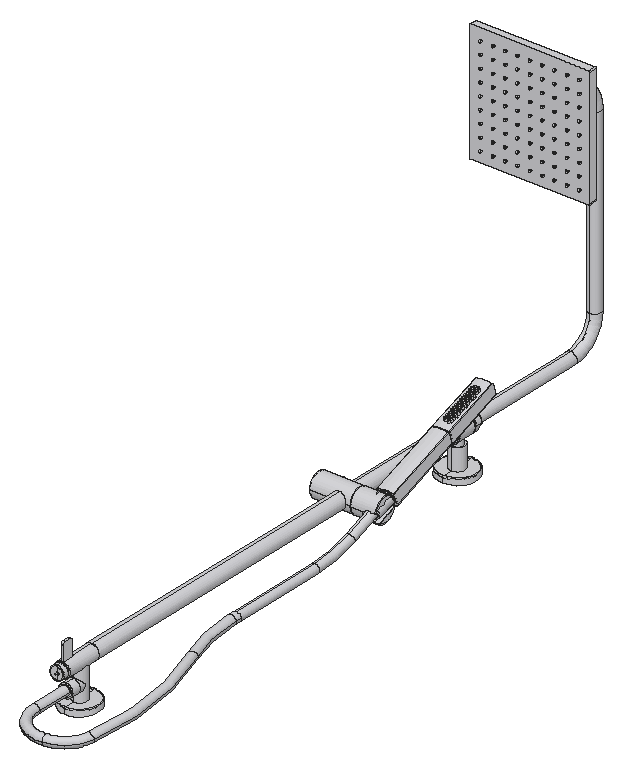
Revit family "Shower-Shower_Column_Kit-KOHLER-ANGULAR-K-76633T_1", category Plumbing Fixtures, host Face, Revit 2017 (continued)
Definition of nested family "K-76633T"
  Lines and regions (in)
    symbolic lines, detail levels medium+fine
      curve 388: line (0.64905, 0, 2.64996) -> (0.37102, 0, 2.14392)
      curve 389: arc (-0.3937, 0, 2.67717) -> (-0.27839, 0, 2.39878) -> (0, 0, 2.28346) r 0.3937
      curve 390: arc (0, 0, 2.28346) -> (0.27839, 0, 2.39878) -> (0.3937, 0, 2.67717) r 0.3937
      curve 391: arc (-1.26531, 0, 2.67717) -> (-0.97367, 0, 2.39435) -> (-0.68202, 0, 2.67717) r 0.29178
      curve 392: arc (-0.68202, 0, 2.67717) -> (-0.97367, 0, 2.95998) -> (-1.26531, 0, 2.67717) r 0.29178
      curve 393: line (0.31487, 0, 1.75197) -> (0.31487, 0, 2.10895)
      curve 394: line (-0.31487, 0, 1.75197) -> (-0.31487, 0, 2.10895)
      curve 395: line (0.3937, 0, 3.46457) -> (0.3937, 0, 2.67717)
      curve 396: line (-0.3937, 0, 3.46457) -> (-0.3937, 0, 2.67717)
      curve 397: line (0.87, 0, 1.99688) -> (0.87, 0, 3.35745)
      curve 398: line (0.82677, 0, 1.99688) -> (0.82677, 0, 3.35745)
      curve 399: line (-1.82677, 0, 3.46457) -> (-1.82677, 0, 1.88976)
      curve 400: arc (-0.99661, 0, 2.95908) -> (-1.3441, 0, 2.67717) -> (-0.99661, 0, 2.39525) r 0.2881
      curve 401: line (0.49213, 0, 1.75197) -> (-0.49213, 0, 1.75197)
      curve 402: line (0.49213, 0, 0.3937) -> (-0.54003, 0, 0.3937)
      curve 403: line (1.23047, 0, 0.37065) -> (-1.23047, 0, 0.37065)
      curve 404: line (0.49213, 0, 1.04331) -> (0.49213, 0, 1.63386)
      curve 405: arc (-0.3937, 0, 3.19389) -> (0, 0, 2.02754) -> (0.3937, 0, 3.19389) r 0.64962
      curve 406: line (2.30307, 0, 1.63386) -> (2.30307, 0, 1.33858)
      curve 407: line (1.71252, 0, 1.63386) -> (1.71252, 0, 1.33858)
      curve 408: arc (2.30307, 0, 1.33858) -> (2.0078, 0, 1.04331) -> (1.71252, 0, 1.33858) r 0.29528
      curve 409: line (2.30307, 0, 1.88976) -> (1.71252, 0, 1.88976)
      curve 410: spline (1.46219, 0, 2.9474) -> (1.46224, 0, 2.91733) -> (1.46242, 0, 2.88725) -> (1.46271, 0, 2.85717) -> (1.46313, 0, 2.8271) -> (1.46365, 0, 2.79703) -> (1.4643, 0, 2.76696) -> (1.46506, 0, 2.73689) -> (1.46594, 0, 2.70682) -> (1.46694, 0, 2.67676) -> (1.46806, 0, 2.6467) -> (1.46929, 0, 2.61665) -> (1.47064, 0, 2.58659)
      curve 411: spline (1.47064, 0, 2.58659) -> (1.47098, 0, 2.58336) -> (1.4717, 0, 2.58018) -> (1.47279, 0, 2.57709) -> (1.47422, 0, 2.57413) -> (1.476, 0, 2.57134) -> (1.47809, 0, 2.56875) -> (1.48047, 0, 2.56639) -> (1.48312, 0, 2.56429) -> (1.48599, 0, 2.56247) -> (1.48905, 0, 2.56096) -> (1.49228, 0, 2.55978) -> (1.49562, 0, 2.55894)
      curve 412: spline (1.49562, 0, 2.55894) -> (1.58004, 0, 2.54367) -> (1.66497, 0, 2.53114) -> (1.75031, 0, 2.52138) -> (1.83595, 0, 2.51439) -> (1.9218, 0, 2.51019) -> (2.00776, 0, 2.50877) -> (2.09372, 0, 2.51013) -> (2.17957, 0, 2.51429) -> (2.26522, 0, 2.52122) -> (2.35057, 0, 2.53093) -> (2.43551, 0, 2.5434) -> (2.51994, 0, 2.55862)
      curve 413: spline (2.0078, 0, 2.41128) -> (2.03559, 0, 2.41297) -> (2.06325, 0, 2.41616) -> (2.09068, 0, 2.42085) -> (2.1178, 0, 2.42702) -> (2.14453, 0, 2.43465) -> (2.17077, 0, 2.44371) -> (2.19645, 0, 2.45419) -> (2.22149, 0, 2.46604) -> (2.24582, 0, 2.47923) -> (2.26934, 0, 2.49371) -> (2.292, 0, 2.50945) -> (2.31373, 0, 2.52639)
      curve 414: spline (2.51994, 0, 4.18321) -> (2.52418, 0, 4.18434) -> (2.52821, 0, 4.18602) -> (2.53195, 0, 4.18821) -> (2.53533, 0, 4.19087) -> (2.53828, 0, 4.19395) -> (2.54075, 0, 4.19738) -> (2.54268, 0, 4.20111) -> (2.54404, 0, 4.20505) -> (2.5448, 0, 4.20913) -> (2.54494, 0, 4.21327) -> (2.54447, 0, 4.21739) -> (2.54339, 0, 4.22141)
      curve 415: spline (2.54494, 0, 4.22934) -> (2.54459, 0, 4.2261) -> (2.54387, 0, 4.22292) -> (2.54279, 0, 4.21983) -> (2.54135, 0, 4.21687) -> (2.53957, 0, 4.21408) -> (2.53748, 0, 4.21149) -> (2.53509, 0, 4.20913) -> (2.53245, 0, 4.20703) -> (2.52958, 0, 4.20521) -> (2.52651, 0, 4.2037) -> (2.52328, 0, 4.20252) -> (2.51994, 0, 4.20168)
      curve 416: spline (1.49562, 0, 4.18353) -> (1.58004, 0, 4.16826) -> (1.66497, 0, 4.15574) -> (1.75031, 0, 4.14598) -> (1.83595, 0, 4.13899) -> (1.9218, 0, 4.13478) -> (2.00776, 0, 4.13336) -> (2.09372, 0, 4.13473) -> (2.17957, 0, 4.13888) -> (2.26522, 0, 4.14582) -> (2.35057, 0, 4.15552) -> (2.43551, 0, 4.16799) -> (2.51994, 0, 4.18321)
      curve 417: spline (2.51994, 0, 4.20168) -> (2.50579, 0, 4.19893) -> (2.49163, 0, 4.19626) -> (2.47745, 0, 4.19367) -> (2.46326, 0, 4.19115) -> (2.44905, 0, 4.18871) -> (2.43482, 0, 4.18635) -> (2.42059, 0, 4.18407) -> (2.40633, 0, 4.18186) -> (2.39207, 0, 4.17973) -> (2.37779, 0, 4.17768) -> (2.3635, 0, 4.17571) -> (2.3492, 0, 4.17382)
      curve 418: spline (2.34921, 0, 4.17364) -> (2.32088, 0, 4.17053) -> (2.29252, 0, 4.16777) -> (2.26414, 0, 4.16537) -> (2.23574, 0, 4.16333) -> (2.20733, 0, 4.16164) -> (2.17891, 0, 4.16032) -> (2.15049, 0, 4.15935) -> (2.12208, 0, 4.15875) -> (2.09368, 0, 4.1585) -> (2.06529, 0, 4.15862) -> (2.03693, 0, 4.15909) -> (2.00859, 0, 4.15992)
      curve 419: spline (2.00859, 0, 4.15992) -> (1.98131, 0, 4.15912) -> (1.954, 0, 4.15865) -> (1.92667, 0, 4.15851) -> (1.89933, 0, 4.1587) -> (1.87198, 0, 4.15923) -> (1.84462, 0, 4.16009) -> (1.81726, 0, 4.16128) -> (1.78991, 0, 4.1628) -> (1.76256, 0, 4.16465) -> (1.73523, 0, 4.16684) -> (1.70792, 0, 4.16936) -> (1.68063, 0, 4.17221)
      curve 420: spline (1.68063, 0, 4.17221) -> (1.66513, 0, 4.17419) -> (1.64964, 0, 4.17626) -> (1.63416, 0, 4.17842) -> (1.6187, 0, 4.18068) -> (1.60326, 0, 4.18303) -> (1.58783, 0, 4.18546) -> (1.57241, 0, 4.18799) -> (1.55702, 0, 4.19061) -> (1.54164, 0, 4.19332) -> (1.52628, 0, 4.19613) -> (1.51094, 0, 4.19902) -> (1.49562, 0, 4.202)
      curve 421: spline (1.49562, 0, 4.202) -> (1.49228, 0, 4.20284) -> (1.48905, 0, 4.20403) -> (1.48599, 0, 4.20554) -> (1.48312, 0, 4.20735) -> (1.48047, 0, 4.20945) -> (1.47809, 0, 4.21181) -> (1.476, 0, 4.2144) -> (1.47422, 0, 4.2172) -> (1.47279, 0, 4.22015) -> (1.4717, 0, 4.22324) -> (1.47098, 0, 4.22642) -> (1.47064, 0, 4.22966)
      curve 422: spline (1.47218, 0, 4.22173) -> (1.4711, 0, 4.21771) -> (1.47063, 0, 4.21359) -> (1.47078, 0, 4.20945) -> (1.47153, 0, 4.20537) -> (1.47289, 0, 4.20143) -> (1.47482, 0, 4.19771) -> (1.47728, 0, 4.19427) -> (1.48023, 0, 4.1912) -> (1.48361, 0, 4.18854) -> (1.48735, 0, 4.18634) -> (1.49138, 0, 4.18467) -> (1.49562, 0, 4.18353)
      curve 423: spline (2.51994, 0, 5.4911) -> (2.43551, 0, 5.47588) -> (2.35057, 0, 5.46341) -> (2.26522, 0, 5.4537) -> (2.17957, 0, 5.44677) -> (2.09372, 0, 5.44261) -> (2.00776, 0, 5.44125) -> (1.9218, 0, 5.44267) -> (1.83595, 0, 5.44687) -> (1.75031, 0, 5.45386) -> (1.66497, 0, 5.46362) -> (1.58004, 0, 5.47615) -> (1.49562, 0, 5.49142)
      curve 424: spline (2.54494, 0, 5.51876) -> (2.54459, 0, 5.51552) -> (2.54387, 0, 5.51234) -> (2.54279, 0, 5.50925) -> (2.54135, 0, 5.50629) -> (2.53957, 0, 5.5035) -> (2.53748, 0, 5.5009) -> (2.53509, 0, 5.49854) -> (2.53245, 0, 5.49644) -> (2.52958, 0, 5.49463) -> (2.52651, 0, 5.49312) -> (2.52328, 0, 5.49194) -> (2.51994, 0, 5.4911)
      curve 425: spline (2.54437, 0, 6.25294) -> (2.54709, 0, 6.19179) -> (2.54932, 0, 6.13062) -> (2.55107, 0, 6.06944) -> (2.55233, 0, 6.00825) -> (2.55311, 0, 5.94706) -> (2.5534, 0, 5.88585) -> (2.55321, 0, 5.82465) -> (2.55252, 0, 5.76345) -> (2.55136, 0, 5.70226) -> (2.5497, 0, 5.64108) -> (2.54756, 0, 5.57991) -> (2.54494, 0, 5.51876)
      curve 426: spline (1.49562, 0, 5.49142) -> (1.49228, 0, 5.49226) -> (1.48905, 0, 5.49344) -> (1.48599, 0, 5.49495) -> (1.48312, 0, 5.49677) -> (1.48047, 0, 5.49887) -> (1.47809, 0, 5.50123) -> (1.476, 0, 5.50382) -> (1.47422, 0, 5.50661) -> (1.47279, 0, 5.50957) -> (1.4717, 0, 5.51266) -> (1.47098, 0, 5.51584) -> (1.47064, 0, 5.51908)
      curve 427: spline (1.47064, 0, 5.51908) -> (1.46801, 0, 5.58029) -> (1.46587, 0, 5.64152) -> (1.46422, 0, 5.70276) -> (1.46306, 0, 5.76401) -> (1.46238, 0, 5.82527) -> (1.46219, 0, 5.88653) -> (1.46249, 0, 5.9478) -> (1.46327, 0, 6.00905) -> (1.46454, 0, 6.07031) -> (1.4663, 0, 6.13155) -> (1.46854, 0, 6.19277) -> (1.47127, 0, 6.25398)
      curve 428: line (2.53516, 0, 5.41384) -> (1.48034, 0, 5.41417)
      curve 429: line (1.49104, 0, 5.46824) -> (2.5245, 0, 5.46792)
      curve 430: line (0.82677, 0, 1.88976) -> (0.31487, 0, 1.88976)
      curve 431: line (-1.82677, 0, 1.88976) -> (-0.31487, 0, 1.88976)
      curve 432: circle (-0.96655, 0, 2.67717) r 0.25196 normal (0, -1, 0)
      curve 433: line (2.44179, 0, 1.88976) -> (2.44179, 0, 2.54443)
      curve 434: line (2.46531, 0, 1.91123) -> (2.46531, 0, 2.54924)
      curve 435: arc (2.14511, 0, 2.51228) -> (2.00856, 0, 2.48933) -> (1.87202, 0, 2.51229) r 0.41757
      curve 436: spline (2.0078, 0, 2.41128) -> (1.97997, 0, 2.41297) -> (1.95228, 0, 2.41617) -> (1.92482, 0, 2.42087) -> (1.89768, 0, 2.42705) -> (1.87093, 0, 2.43469) -> (1.84466, 0, 2.44377) -> (1.81896, 0, 2.45427) -> (1.7939, 0, 2.46614) -> (1.76956, 0, 2.47935) -> (1.74601, 0, 2.49387) -> (1.72334, 0, 2.50963) -> (1.7016, 0, 2.52661)
      curve 437: line (1.46219, 0, 3.46457) -> (1.46219, 0, 2.9474)
      curve 438: arc (2.5245, 0, 5.46792) -> (2.54374, 0, 5.47846) -> (2.5534, 0, 5.49814) r 0.03633
      curve 439: arc (2.5534, 0, 5.44203) -> (2.55026, 0, 5.42407) -> (2.53516, 0, 5.41384) r 0.02336
      curve 440: arc (1.46219, 0, 5.50914) -> (1.46843, 0, 5.48292) -> (1.49104, 0, 5.46824) r 0.03628
      curve 441: arc (1.48034, 0, 5.41417) -> (1.4676, 0, 5.42162) -> (1.46219, 0, 5.43535) r 0.02255
      curve 442: arc (2.5534, 0, 4.28822) -> (2.54776, 0, 4.25898) -> (2.54494, 0, 4.22934) r 0.31035
      curve 443: arc (1.47064, 0, 4.22966) -> (1.46714, 0, 4.28894) -> (1.46219, 0, 4.34811) r 2.43351
      curve 444: line (0, 5.9051, 21.69194) -> (0, 5.9051, 14.56693)
      curve 445: line (0, 5.94447, 22.3622) -> (0, 5.94447, 14.48819)
      curve 446: line (0, 6.37754, 22.3622) -> (0, 6.37754, 14.48819)
      curve 447: line (0, 6.41691, 14.83488) -> (0, 5.9051, 14.83488)
      curve 448: line (0, 6.41691, 22.08347) -> (0, 5.9051, 22.08347)
      curve 449: line (0, 6.41691, 17.6037) -> (0, 6.41691, 19.24669)
      curve 450: line (0, 6.43659, 19.17323) -> (0, 6.43659, 17.67717)
      curve 451: line (0, 7.23581, 17.98752) -> (0, 7.23581, 18.86287)
      curve 452: line (0, 7.34079, 18.05893) -> (0, 7.34079, 18.79146)
      curve 453: line (0, 7.36868, 18.77988) -> (0, 7.36868, 18.07052)
      curve 454: line (0, 7.47994, 18.77988) -> (0, 7.47994, 18.07052)
      curve 455: line (0, 7.50954, 18.04979) -> (0, 7.50954, 18.8006)
      curve 456: line (0, 7.56691, 17.99213) -> (0, 7.56691, 18.85827)
      curve 457: line (0, 8.34604, 18.06102) -> (0, 8.34604, 18.78937)
      curve 458: line (0, 8.45472, 18.06102) -> (0, 8.45472, 18.78937)
      curve 459: line (0, 9.25197, 18.0315) -> (0, 9.25197, 18.8189)
      curve 460: line (0, 10.82677, 16.45669) -> (0, 11.61417, 16.45669)
      curve 461: line (0, 10.82677, 4.64567) -> (0, 11.61417, 4.64567)
      curve 462: line (0, 9.25197, 2.28346) -> (0, 9.25197, 3.07087)
      curve 463: line (0, 1.15567, 2.28346) -> (0, 1.15567, 3.07087)
      curve 464: line (0, -0.62008, 2.18504) -> (0, -0.62008, 3.16929)
      curve 465: line (0, 0.68322, 2.12598) -> (0, 0.68322, 3.22835)
      curve 466: line (0, 0.62008, 2.12598) -> (0, 0.62008, 3.22835)
      curve 467: line (0, 0.49213, 1.75197) -> (0, -0.49213, 1.75197)
      curve 468: line (0, -0.31487, 2.02754) -> (0, 0.31487, 2.02754)
      curve 469: line (0, 0.49213, 0.3937) -> (0, -0.68898, 0.3937)
      curve 470: line (0, 1.23065, 0.36296) -> (0, -1.23065, 0.36296)
      curve 471: line (0, 7.53732, 17.99213) -> (0, 7.53732, 18.85827)
      curve 472: line (0, -0.87791, 6.13705) -> (0, -3.39792, 5.21985)
      curve 473: line (0, 1.1334, 3.21185) -> (0, 0.70514, 3.21185)
      curve 474: spline (0, 1.15447, 3.16176) -> (0, 1.15555, 3.1664) -> (0, 1.15608, 3.1711) -> (0, 1.15608, 3.17583) -> (0, 1.15553, 3.18054) -> (0, 1.15445, 3.18517) -> (0, 1.15284, 3.18968) -> (0, 1.15072, 3.19403) -> (0, 1.14811, 3.19817) -> (0, 1.14505, 3.20206) -> (0, 1.14155, 3.20566) -> (0, 1.13765, 3.20894) -> (0, 1.1334, 3.21185)
      curve 475: spline (0, 0.70514, 3.21185) -> (0, 0.7014, 3.20925) -> (0, 0.69793, 3.20637) -> (0, 0.69477, 3.20323) -> (0, 0.69194, 3.19985) -> (0, 0.68946, 3.19627) -> (0, 0.68735, 3.19251) -> (0, 0.68564, 3.18861) -> (0, 0.68432, 3.18458) -> (0, 0.68341, 3.18047) -> (0, 0.68293, 3.17631) -> (0, 0.68286, 3.17212) -> (0, 0.68322, 3.16794)
      curve 476: spline (0, 1.1334, 2.70185) -> (0, 1.13726, 2.70447) -> (0, 1.14083, 2.70738) -> (0, 1.14408, 2.71057) -> (0, 1.14699, 2.714) -> (0, 1.14953, 2.71765) -> (0, 1.15168, 2.72148) -> (0, 1.15342, 2.72548) -> (0, 1.15475, 2.72959) -> (0, 1.15564, 2.73379) -> (0, 1.15609, 2.73805) -> (0, 1.1561, 2.74232) -> (0, 1.15567, 2.74658)
      curve 477: spline (0, 0.68322, 2.74576) -> (0, 0.68286, 2.74158) -> (0, 0.68293, 2.7374) -> (0, 0.68341, 2.73323) -> (0, 0.68432, 2.72912) -> (0, 0.68564, 2.72509) -> (0, 0.68735, 2.72119) -> (0, 0.68946, 2.71743) -> (0, 0.69194, 2.71385) -> (0, 0.69477, 2.71048) -> (0, 0.69793, 2.70734) -> (0, 0.7014, 2.70445) -> (0, 0.70514, 2.70185)
      curve 478: line (0, 0.70514, 2.70185) -> (0, 1.1334, 2.70185)
      curve 479: line (0, -8.04134, 2.41909) -> (0, -8.04134, 2.93548)
      curve 480: line (0, -8.06496, 2.9591) -> (0, -8.27465, 2.9591)
      curve 481: line (0, -8.06496, 2.39547) -> (0, -8.27456, 2.39547)
      curve 482: arc (0, -8.55549, 3.32026) -> (0, -8.23018, 2.78727) -> (0, -8.39518, 2.18504) r 0.7874
      curve 483: arc (0, -9.59477, 2.15004) -> (0, -9.79691, 2.6542) -> (0, -9.62451, 3.16929) r 0.7874
      curve 484: circle (0, -9.00984, 2.67717) r 0.75914 normal (1, 0, 0)
      curve 485: arc (0, -8.04134, 2.93548) -> (0, -8.04826, 2.95219) -> (0, -8.06496, 2.9591) r 0.02362
      curve 486: arc (0, -8.04134, 2.41909) -> (0, -8.04826, 2.40238) -> (0, -8.06496, 2.39547) r 0.02362
      curve 487: line (0, -8.06496, 2.9591) -> (0, -8.06496, 2.39547)
      curve 488: line (0, -0.30723, 6.25294) -> (0, -0.45957, 6.19749)
      curve 489: line (0, -3.90061, 4.94505) -> (0, -8.36415, 3.32046)
      curve 490: line (0, -0.04012, 5.51908) -> (0, -0.19915, 5.46119)
      curve 491: line (0, -3.63351, 4.21119) -> (0, -6.4961, 3.16929)
      curve 492: line (0, -0.99848, 6.16715) -> (0, -0.9747, 6.10182)
      curve 493: line (0, -1.10947, 6.12676) -> (0, -1.08569, 6.06143)
      curve 494: line (0, -1.18346, 6.09983) -> (0, -1.15968, 6.0345)
      curve 495: line (0, -1.29445, 6.05943) -> (0, -1.27067, 5.9941)
      curve 496: line (0, -1.36844, 6.0325) -> (0, -1.34466, 5.96717)
      curve 497: line (0, -1.47943, 5.99211) -> (0, -1.45565, 5.92677)
      curve 498: line (0, -1.55342, 5.96517) -> (0, -1.52964, 5.89984)
      curve 499: line (0, -1.66441, 5.92478) -> (0, -1.64063, 5.85945)
      curve 500: line (0, -1.7384, 5.89785) -> (0, -1.71462, 5.83252)
      curve 501: line (0, -1.84939, 5.85745) -> (0, -1.82561, 5.79212)
      curve 502: line (0, -1.92338, 5.83052) -> (0, -1.8996, 5.76519)
      curve 503: line (0, -2.03437, 5.79012) -> (0, -2.01059, 5.72479)
      curve 504: line (0, -2.10836, 5.76319) -> (0, -2.08458, 5.69786)
      curve 505: line (0, -2.21934, 5.7228) -> (0, -2.19556, 5.65747)
      curve 506: line (0, -2.29334, 5.69587) -> (0, -2.26956, 5.63053)
      curve 507: line (0, -2.40432, 5.65547) -> (0, -2.38054, 5.59014)
      curve 508: line (0, -2.47831, 5.62854) -> (0, -2.45454, 5.56321)
      curve 509: line (0, -2.5893, 5.58814) -> (0, -2.56552, 5.52281)
      curve 510: line (0, -2.66329, 5.56121) -> (0, -2.63951, 5.49588)
      curve 511: line (0, -2.77428, 5.52082) -> (0, -2.7505, 5.45549)
      curve 512: line (0, -2.84827, 5.49389) -> (0, -2.82449, 5.42855)
      curve 513: line (0, -2.95926, 5.45349) -> (0, -2.93548, 5.38816)
      curve 514: line (0, -3.03325, 5.42656) -> (0, -3.00947, 5.36123)
      curve 515: line (0, -3.14424, 5.38616) -> (0, -3.12046, 5.32083)
      curve 516: line (0, -3.21823, 5.35923) -> (0, -3.19445, 5.2939)
      curve 517: line (0, -3.32922, 5.31884) -> (0, -3.30544, 5.2535)
      curve 518: line (0, -31.3266, 0.88583) -> (0, -31.3266, 1.79134)
      curve 519: line (0, -31.39764, 1.79134) -> (0, -31.39764, 0.88583)
      curve 520: line (0, -32.06885, 1.63386) -> (0, -32.06885, 1.04331)
      curve 521: line (0, -31.3266, 2.18504) -> (0, -30.40568, 2.18504)
      curve 522: line (0, -32.28645, 3.16929) -> (0, -32.28645, 2.18504)
      curve 523: line (0, -32.31795, 3.16929) -> (0, -32.31795, 2.18504)
      curve 524: line (0, -32.37205, 3.16929) -> (0, -32.37205, 2.18504)
      curve 525: line (0, -32.25394, 3.16295) -> (0, -31.62402, 3.16295)
      curve 526: line (0, -29.89173, 3.16929) -> (0, -29.89173, 2.18504)
      curve 527: line (0, -29.9311, 3.16929) -> (0, -29.9311, 2.18504)
      curve 528: line (0, -29.65929, 0.3937) -> (0, -32.07299, 0.3937)
      curve 529: line (0, -11.22493, 2.18504) -> (0, -9.62451, 2.18504)
      curve 530: line (0, -6.25394, 3.16929) -> (0, -8.39518, 3.16929)
      curve 531: line (0, -8.38717, 3.38372) -> (0, -8.30913, 3.16929)
      curve 532: line (0, -8.47236, 3.35461) -> (0, -8.41251, 3.1902)
      curve 533: line (0, -0.15252, 5.39003) -> (0, -0.47746, 6.2828)
      curve 534: line (0, -0.18725, 5.37739) -> (0, -0.51219, 6.27016)
      curve 535: line (0, -0.45957, 6.19749) -> (0, -3.84987, 4.96352)
      curve 536: line (0, -0.19915, 5.46119) -> (0, -3.58276, 4.22966)
      curve 537: line (0, -3.83995, 4.93628) -> (0, -3.59735, 4.26973)
      curve 538: line (0, -3.64809, 4.25126) -> (0, -3.89069, 4.91781)
      curve 539: line (0, -30.40568, 1.63386) -> (0, -30.40568, 1.04331)
      curve 540: line (0, -29.63568, 0.3707) -> (0, -32.09661, 0.3707)
      curve 541: line (0, -32.03937, 1.04331) -> (0, -32.03937, 1.63386)
      curve 542: line (0, -32.00787, 1.7815) -> (0, -32.00787, 0.89567)
      curve 543: line (0, -31.41732, 1.7815) -> (0, -31.41732, 0.89567)
      curve 544: line (0, -32.72441, 2.23425) -> (0, -32.72441, 3.12008)
      curve 545: line (0, -32.39329, 3.12008) -> (0, -32.39329, 2.23425)
      curve 546: line (0, -31.45446, 3.16929) -> (0, -31.45446, 2.18504)
      curve 547: line (0, -31.43145, 3.16929) -> (0, -31.43145, 2.18504)
      curve 548: line (0, -31.62402, 3.16295) -> (0, -31.62402, 3.20459)
      curve 549: line (0, -32.25394, 3.16295) -> (0, -32.25394, 3.20459)
      curve 550: line (0, -9.64399, 3.14392) -> (0, -9.68734, 3.14392)
      curve 551: line (0, -9.64286, 2.20888) -> (0, -9.68636, 2.20888)
      curve 552: arc (0, -9.68734, 3.14392) -> (0, -9.82402, 2.67625) -> (0, -9.68636, 2.20888) r 0.86531
      curve 553: line (0, -8.37569, 3.14392) -> (0, -8.32471, 3.14392)
      curve 554: line (0, -8.37683, 2.20888) -> (0, -8.32561, 2.20888)
      curve 555: arc (0, -8.32471, 3.14392) -> (0, -8.27874, 3.05374) -> (0, -8.24284, 2.9591) r 0.92972
      curve 556: arc (0, -8.24276, 2.39547) -> (0, -8.27905, 2.29989) -> (0, -8.32561, 2.20888) r 0.92972
      curve 557: circle (0, -0.31487, 0.5826) r 0.03937 normal (1, 0, 0)
      curve 558: arc (0, -4.27729, 3.88873) -> (0, -4.38873, 3.75817) -> (0, -4.55802, 3.78655) r 0.17421
      curve 559: line (0, -31.62402, 3.20459) -> (0, -32.25394, 3.20459)
      curve 560: arc (0, -30.39113, 2.18504) -> (0, -30.86732, 2.49494) -> (0, -31.3435, 2.18504) r 0.5208
      curve 561: arc (0, -31.3266, 1.81243) -> (0, -30.96839, 1.34095) -> (0, -31.3266, 0.86948) r 0.48938
  Dimensions and locks (in)
    equal spacing: plane 4, plane 3 "Center (Left/Right)", plane 5
    locked: plane 6 to plane 7 at 42.48031
    plane 6 to plane 1 "Center (Front/Back)" = 30.86614"
    plane 13 to plane 14 = 7.87402"
    plane 15 to plane 6 = 36.77124"
    plane 29 to plane 28 = 8.574"
    aligned and locked: plane 2 to level
  Automatic sketch dimensions
    plane 4 to Extrusion 1 sketch curve = 0"
    Extrusion 1 sketch curve to plane 14 = 0"
    Extrusion 1 sketch curve to plane 13 = 0"
    plane 5 to Extrusion 1 sketch curve = 0"
    Extrusion 1 sketch curve to plane 4 = 0.07874"  (x2)
    Extrusion 1 sketch curve to Extrusion 1 sketch curve = 0.07874"
    plane 5 to Extrusion 1 sketch curve = 0.07874"
    Revolve 2 sketch curve to plane 12 = 0"  (x2)
    plane 15 to Revolve 2 sketch curve = 0.34932"
    plane 15 to Revolve 2 sketch curve = 0.45729"
    Revolve 2 sketch curve to Revolve 2 sketch curve = 19/256"
    plane 12 to Revolve 2 sketch curve = 0.12896"
    Revolve 2 sketch curve to Revolve 2 sketch curve = 0.7402"
    Revolve 2 sketch curve to Revolve 2 sketch curve = 0.09384"
    Revolve 2 sketch curve to Revolve 2 sketch curve = 0.03937"  (x3)
    Revolve 2 sketch curve to Revolve 2 sketch curve = 0.13287"
    Revolve 2 sketch curve to Revolve 2 sketch curve = 0.11126"
    plane 12 to Revolve 2 sketch curve = 0.3754"
    Revolve 2 sketch curve to Revolve 2 sketch curve = 0.0296"  (x2)
    plane 12 to Revolve 2 sketch curve = 0.45172"
    Revolve 2 sketch curve to Revolve 2 sketch curve = 0.02778"
    Revolve 2 sketch curve to Revolve 2 sketch curve = 0.77913"
    Revolve 2 sketch curve to Revolve 2 sketch curve = 0.10868"
    Revolve 2 sketch curve to Revolve 2 sketch curve = 0.02072"
    Revolve 2 sketch curve to Revolve 2 sketch curve = 0.36417"
    Revolve 2 sketch curve to Revolve 2 sketch curve = 0.07141"
    Revolve 2 sketch curve to Revolve 2 sketch curve = 0.01077"
    Revolve 2 sketch curve to Revolve 2 sketch curve = 0.23481"
    Revolve 2 sketch curve to Revolve 2 sketch curve = 0.0363"
    Revolve 2 sketch curve to plane 15 = 0.19685"
    Revolve 2 sketch curve to Revolve 2 sketch curve = 0.33167"
    Revolve 2 sketch curve to Revolve 2 sketch curve = 0.74803"
    Revolve 3 sketch curve to plane 1 "Center (Front/Back)" = 0"  (x2)
    Revolve 3 sketch curve to level = 0"
    Revolve 3 sketch curve to Revolve 3 sketch curve = 0.31487"
    Revolve 3 sketch curve to Revolve 3 sketch curve = 0.17726"
    Revolve 3 sketch curve to Revolve 3 sketch curve = 181/256"
    level to Revolve 3 sketch curve = 0.36296"
    Revolve 3 sketch curve to Revolve 3 sketch curve = 0.03149"
    Revolve 3 sketch curve to Revolve 3 sketch curve = 0.00875"
    Revolve 3 sketch curve to Revolve 3 sketch curve = 0.00076"
    plane 18 "4" to Revolve 3 sketch curve = 0.41339"
    plane 11 "1" to Revolve 3 sketch curve = 0.01481"
    plane 18 "4" to Revolve 3 sketch curve = 0.32041"
    plane 11 "1" to Revolve 3 sketch curve = 0.16293"
    Revolve 4 sketch curve to plane 19 = 0"
    Revolve 4 sketch curve to plane 11 "1" = 0"  (x2)
    Revolve 4 sketch curve to plane 19 = 0.0315"
    plane 25 to Revolve 4 sketch curve = 0.28699"
    Revolve 4 sketch curve to Revolve 4 sketch curve = 0.02124"
    Revolve 4 sketch curve to Revolve 4 sketch curve = 0.0541"
    Revolve 4 sketch curve to Revolve 4 sketch curve = 0.0315"
    Revolve 4 sketch curve to plane 24 = 0.30512"
    Revolve 4 sketch curve to Revolve 4 sketch curve = 0.03937"
    plane 1 "Center (Front/Back)" to Revolve 4 sketch curve = 0.62008"
    Revolve 4 sketch curve to Revolve 4 sketch curve = 0.02362"  (x4)
    Revolve 4 sketch curve to plane 1 "Center (Front/Back)" = 0.59646"
    Revolve 4 sketch curve to Revolve 4 sketch curve = 0.06315"
    Revolve 4 sketch curve to Revolve 4 sketch curve = 0.4252"
    plane 11 "1" to Revolve 4 sketch curve = 0.34839"
    plane 11 "1" to Revolve 4 sketch curve = 0.41142"
    Revolve 4 sketch curve to Revolve 4 sketch curve = 0.02125"
    Revolve 4 sketch curve to Revolve 4 sketch curve = 0.00816"
    Revolve 4 sketch curve to Revolve 4 sketch curve = 0.06195"
    Revolve 4 sketch curve to Revolve 4 sketch curve = 0.49213"
    Revolve 4 sketch curve to Revolve 4 sketch curve = 0"  (x2)
    plane 11 "1" to Revolve 4 sketch curve = 0.55118"
    Revolve 4 sketch curve to Revolve 4 sketch curve = 0.13387"
    Revolve 4 sketch curve to Revolve 4 sketch curve = 0.07482"
    Revolve 4 sketch curve to Revolve 4 sketch curve = 0.81284"
    plane 25 to Extrusion 5 sketch curve = 0.02953"
    Extrusion 5 sketch curve to plane 25 = 0.36417"
    Extrusion 5 sketch curve to Extrusion 5 sketch curve = 0.11811"  (x2)
    plane 11 "1" to Extrusion 5 sketch curve = 1.47004"
    plane 11 "1" to Extrusion 5 sketch curve = 0.2102"
    Revolve 7 sketch curve to plane 18 "4" = 0"  (x2)
    Revolve 7 sketch curve to plane 25 = 0.06693"
    Revolve 7 sketch curve to Revolve 7 sketch curve = 0.0315"
    Revolve 7 sketch curve to plane 6 = 0.55118"
    Revolve 7 sketch curve to Revolve 7 sketch curve = 0.01969"
    plane 6 to Revolve 7 sketch curve = 0.02147"
    Revolve 7 sketch curve to Revolve 7 sketch curve = 0.41142"
    Revolve 7 sketch curve to Revolve 7 sketch curve = 0.02289"
    Revolve 7 sketch curve to Revolve 7 sketch curve = 0.03274"
    Revolve 7 sketch curve to plane 19 = 0.3214"
    plane 6 to Revolve 7 sketch curve = 0.20329"
    Revolve 9 sketch curve to plane 20 = 0.12294"
    Revolve 9 sketch curve to plane 20 = 0.05475"
    plane 20 to Revolve 9 sketch curve = 0.33286"
    plane 22 to Revolve 9 sketch curve = 0.30433"
    plane 22 to Revolve 9 sketch curve = 0.19068"
    Revolve 9 sketch curve to Revolve 9 sketch curve = 0.16883"
    Revolve 9 sketch curve to Revolve 9 sketch curve = 0.15176"
    Revolve 9 sketch curve to Revolve 9 sketch curve = 0.03784"
    plane 22 to Revolve 9 sketch curve = 0.14859"
    Extrusion 10 sketch curve to plane 22 = 0.07872"
    plane 20 to Extrusion 10 sketch curve = 0.1811"
    Extrusion 10 sketch curve to Extrusion 10 sketch curve = 0.2293"
    Extrusion 10 sketch curve to plane 3 "Center (Left/Right)" = 0.59677"
    Revolve 6 sketch curve to plane 6 = 0"  (x2)
    Revolve 6 sketch curve to level = 0"
    Revolve 6 sketch curve to plane 24 = 0"
    Revolve 6 sketch curve to plane 11 "1" = 0.02337"
    plane 6 to Revolve 6 sketch curve = 0.46046"
    Revolve 6 sketch curve to plane 24 = 0.03331"
    Revolve 6 sketch curve to plane 24 = 0.00969"
    level to Revolve 6 sketch curve = 0.37008"
    Revolve 6 sketch curve to Revolve 6 sketch curve = 0.00062"
    Revolve 6 sketch curve to level = 0.3937"
    plane 18 "4" to Revolve 6 sketch curve = 0.47244"
    Revolve 8 sketch curve to plane 10 = 0"  (x2)
    Revolve 8 sketch curve to plane 26 = 0"
    Revolve 8 sketch curve to plane 20 = 0"  (x2)
    Revolve 8 sketch curve to plane 27 = 0"
    plane 10 to Revolve 8 sketch curve = 0.00057"
    Revolve 8 sketch curve to plane 20 = 0.02362"  (x2)
    Revolve 8 sketch curve to plane 20 = 0.10712"
    Revolve 8 sketch curve to plane 27 = 0.03744"
    plane 23 to Revolve 8 sketch curve = 0.37016"
    Revolve 8 sketch curve to Revolve 8 sketch curve = 0.04323"
    plane 4 to Revolve 8 sketch curve = 14.68557"
    plane 22 to Revolve 8 sketch curve = 0.12609"
    Revolve 8 sketch curve to Revolve 8 sketch curve = 0.44477"
    Sweep 11 sketch curve to plane 11 "1" = 0"
    Sweep 11 sketch curve to plane 12 = 0"
    Sweep 11 sketch curve to plane 8 = 0"
    Sweep 11 sketch curve to plane 8 = 1.9685"  (x2)
    Sweep 11 sketch curve to Sweep 11 sketch curve = 0.79724"
    Sweep 11 sketch curve to plane 1 "Center (Front/Back)" = 1.12965"
    Sweep 11 sketch curve to plane 3 "Center (Left/Right)" = 0"
    Sweep 11 sketch curve to profile plane = 0"
    plane 11 "1" to Extrusion 12 sketch curve = 0.03009"
    plane 22 to Extrusion 12 sketch curve = 0.41398"
    Extrusion 12 sketch curve to plane 11 "1" = 0.04587"
    Extrusion 12 sketch curve to Extrusion 12 sketch curve = 0.13826"
    Extrusion 12 sketch curve to plane 3 "Center (Left/Right)" = 0.47091"
    plane 3 "Center (Left/Right)" to Extrusion 12 sketch curve = 0.34324"
    Extrusion 12 sketch curve to Extrusion 12 sketch curve = 0.13089"
    plane 11 "1" to Extrusion 12 sketch curve = 0.10911"
    plane 23 to Extrusion 12 sketch curve = 0.51621"
    Extrusion 12 sketch curve to Extrusion 12 sketch curve = 0.07191"
    plane 16 "3" to Revolve 13 sketch curve = 0"  (x4)
    plane 11 "1" to Revolve 13 sketch curve = 0.2778"
    Revolve 13 sketch curve to Revolve 13 sketch curve = 0.17701"
    plane 21 to Revolve 13 sketch curve = 0.0984"
    plane 11 "1" to Revolve 13 sketch curve = 0.04861"
    plane 20 to Revolve 13 sketch curve = 0.25305"
    Revolve 13 sketch curve to Revolve 13 sketch curve = 0.29349"
    plane 20 to Extrusion 14 sketch curve = 0.91745"
    plane 20 to Extrusion 14 sketch curve = 0.66607"
    plane 21 to Extrusion 14 sketch curve = 0.91242"
    Extrusion 14 sketch curve to plane 11 "1" = 1.00977"
    plane 11 "1" to Extrusion 14 sketch curve = 0.22943"
    plane 16 "3" to Revolve 15 sketch curve = 0"  (x4)
    Revolve 15 sketch curve to plane 20 = 0.01049"
    Revolve 15 sketch curve to plane 20 = 0.16353"
    Revolve 15 sketch curve to Revolve 15 sketch curve = 0.0222"
    Revolve 15 sketch curve to Revolve 15 sketch curve = 0.00808"  (x2)
    Revolve 15 sketch curve to Revolve 15 sketch curve = 0.0416"
    Revolve 15 sketch curve to Revolve 15 sketch curve = 1/128"
    Revolve 15 sketch curve to Revolve 15 sketch curve = 0.02259"
    Revolve 15 sketch curve to plane 11 "1" = 0.16678"
    Revolve 15 sketch curve to plane 21 = 0.27182"
    plane 11 "1" to Revolve 15 sketch curve = 0.1255"
    Revolve 15 sketch curve to Revolve 15 sketch curve = 0.00294"
    Revolve 15 sketch curve to Revolve 15 sketch curve = 0.012"
    plane 11 "1" to Revolve 15 sketch curve = 0.19873"
    Revolve 15 sketch curve to Revolve 15 sketch curve = 0.01077"
    Revolve 15 sketch curve to Revolve 15 sketch curve = 0.0258"
    Revolve 15 sketch curve to Revolve 15 sketch curve = 0.0034"
    plane 20 to Revolve 15 sketch curve = 0.23105"
    plane 11 "1" to Revolve 15 sketch curve = 0.14831"
    Extrusion 16 sketch curve to plane 9 "2" = 0.00079"
    Extrusion 16 sketch curve to plane 16 "3" = 2.01088"
    Extrusion 16 sketch curve to plane 16 "3" = 0.38333"
    plane 27 to Extrusion 16 sketch curve = 0.03259"
    Extrusion 16 sketch curve to plane 16 "3" = 0.38222"
    plane 16 "3" to Extrusion 16 sketch curve = 0.01334"  (x2)
    plane 16 "3" to Extrusion 16 sketch curve = 0.39592"
    plane 27 to Extrusion 16 sketch curve = 0.03316"
    plane 16 "3" to Extrusion 16 sketch curve = 0.39625"
    plane 9 "2" to Extrusion 16 sketch curve = 0.00245"
    Extrusion 16 sketch curve to Extrusion 16 sketch curve = 1.48431"
    Extrusion 16 sketch curve to plane 5 = 6.24899"
    Extrusion 16 sketch curve to plane 23 = 0.26195"
    Extrusion 16 sketch curve to plane 23 = 0.26258"
    plane 4 to Extrusion 16 sketch curve = 2.23339"
    Extrusion 16 sketch curve to Extrusion 16 sketch curve = 0.03075"
    Extrusion 16 sketch curve to Extrusion 16 sketch curve = 0"  (x7)
    Extrusion 17 sketch curve to plane 17 "Hs 1" = 0"  (x2)
    plane 11 "1" to Extrusion 17 sketch curve = 1.299"
    plane 1 "Center (Front/Back)" to Extrusion 17 sketch curve = 3.40388"
    plane 11 "1" to Extrusion 17 sketch curve = 1.50229"
    plane 11 "1" to Extrusion 17 sketch curve = 1.48253"
    Extrusion 17 sketch curve to Extrusion 17 sketch curve = 0.00808"  (x2)
    plane 11 "1" to Extrusion 17 sketch curve = 1.49665"
    Extrusion 17 sketch curve to Extrusion 17 sketch curve = 0.0222"  (x2)
    Extrusion 17 sketch curve to Extrusion 17 sketch curve = 0.26618"
    Extrusion 17 sketch curve to Extrusion 17 sketch curve = 0.04621"
    plane 11 "1" to Extrusion 17 sketch curve = 2.35494"
    plane 11 "1" to Extrusion 17 sketch curve = 2.60836"
    Extrusion 17 sketch curve to Extrusion 17 sketch curve = 0.07402"
    plane 16 "3" to Revolve 18 sketch curve = 0"  (x4)
    Revolve 18 sketch curve to plane 17 "Hs 1" = 0"
    plane 11 "1" to Revolve 18 sketch curve = 1.92584"
    plane 11 "1" to Revolve 18 sketch curve = 2.25911"
    plane 11 "1" to Revolve 18 sketch curve = 2.01432"
    plane 11 "1" to Revolve 18 sketch curve = 1.84046"
    Extrusion 19 sketch curve to plane 4 = 0.73843"
    Extrusion 19 sketch curve to plane 13 = 0.74113"
    Extrusion 20 sketch curve to plane 4 = 0.73843"
    Extrusion 20 sketch curve to plane 13 = 1.54825"
    Extrusion 21 sketch curve to plane 4 = 0.73843"
    plane 12 to Extrusion 21 sketch curve = 1.58165"
    Extrusion 22 sketch curve to plane 4 = 0.73843"
    plane 12 to Extrusion 22 sketch curve = 0.77453"
    Extrusion 23 sketch curve to plane 12 = 0.03259"
    Extrusion 23 sketch curve to plane 4 = 0.73843"
    Extrusion 24 sketch curve to plane 4 = 0.73843"
    Extrusion 24 sketch curve to plane 12 = 0.83971"
    Extrusion 25 sketch curve to plane 4 = 0.73843"
    Extrusion 25 sketch curve to plane 12 = 1.64682"
    Extrusion 26 sketch curve to plane 4 = 0.73843"
    Extrusion 26 sketch curve to plane 14 = 1.48307"
    Extrusion 27 sketch curve to plane 4 = 0.73843"
    Extrusion 27 sketch curve to plane 14 = 0.67595"
    Extrusion 28 sketch curve to plane 26 = 0.54108"
    Extrusion 28 sketch curve to plane 13 = 0.74113"
    Extrusion 29 sketch curve to plane 26 = 0.54108"
    Extrusion 29 sketch curve to plane 13 = 1.54825"
    Extrusion 30 sketch curve to plane 26 = 0.54108"
    plane 12 to Extrusion 30 sketch curve = 1.58165"
    Extrusion 31 sketch curve to plane 26 = 0.54108"
    plane 12 to Extrusion 31 sketch curve = 0.77453"
    Extrusion 32 sketch curve to plane 12 = 0.03259"
    Extrusion 32 sketch curve to plane 26 = 0.54108"
    Extrusion 33 sketch curve to plane 26 = 0.54108"
    Extrusion 33 sketch curve to plane 12 = 0.83971"
    Extrusion 34 sketch curve to plane 26 = 0.54108"
    Extrusion 34 sketch curve to plane 12 = 1.64682"
    Extrusion 35 sketch curve to plane 26 = 0.54108"
    Extrusion 35 sketch curve to plane 14 = 1.48307"
    Extrusion 36 sketch curve to plane 26 = 0.54108"
    Extrusion 36 sketch curve to plane 14 = 0.67595"
    plane 26 to Extrusion 37 sketch curve = 0.26603"
    Extrusion 37 sketch curve to plane 13 = 0.74113"
    plane 26 to Extrusion 38 sketch curve = 0.26603"
    Extrusion 38 sketch curve to plane 13 = 1.54825"
    plane 26 to Extrusion 39 sketch curve = 0.26603"
    plane 12 to Extrusion 39 sketch curve = 1.58165"
    plane 26 to Extrusion 40 sketch curve = 0.26603"
    plane 12 to Extrusion 40 sketch curve = 0.77453"
    Extrusion 41 sketch curve to plane 12 = 0.03259"
    plane 26 to Extrusion 41 sketch curve = 0.26603"
    plane 26 to Extrusion 42 sketch curve = 0.26603"
    Extrusion 42 sketch curve to plane 12 = 0.83971"
    plane 26 to Extrusion 43 sketch curve = 0.26603"
    Extrusion 43 sketch curve to plane 12 = 1.64682"
    plane 26 to Extrusion 44 sketch curve = 0.26603"
    Extrusion 44 sketch curve to plane 14 = 1.48307"
    plane 26 to Extrusion 45 sketch curve = 0.26603"
    Extrusion 45 sketch curve to plane 14 = 0.67595"
    plane 22 to Extrusion 46 sketch curve = 0.4629"
    Extrusion 46 sketch curve to plane 13 = 0.74113"
    plane 22 to Extrusion 47 sketch curve = 0.4629"
    Extrusion 47 sketch curve to plane 13 = 1.54825"
    plane 22 to Extrusion 48 sketch curve = 0.4629"
    plane 12 to Extrusion 48 sketch curve = 1.58165"
    plane 22 to Extrusion 49 sketch curve = 0.4629"
    plane 12 to Extrusion 49 sketch curve = 0.77453"
    Extrusion 50 sketch curve to plane 12 = 0.03259"
    plane 22 to Extrusion 50 sketch curve = 0.4629"
    plane 22 to Extrusion 51 sketch curve = 0.4629"
    Extrusion 51 sketch curve to plane 12 = 0.83971"
    plane 22 to Extrusion 52 sketch curve = 0.4629"
    Extrusion 52 sketch curve to plane 12 = 1.64682"
    plane 22 to Extrusion 53 sketch curve = 0.4629"
    Extrusion 53 sketch curve to plane 14 = 1.48307"
    plane 22 to Extrusion 54 sketch curve = 0.4629"
    Extrusion 54 sketch curve to plane 14 = 0.67595"
    plane 3 "Center (Left/Right)" to Extrusion 55 sketch curve = 0.02985"
    Extrusion 55 sketch curve to plane 13 = 0.74113"
    plane 3 "Center (Left/Right)" to Extrusion 56 sketch curve = 0.02985"
    Extrusion 56 sketch curve to plane 13 = 1.54825"
    plane 3 "Center (Left/Right)" to Extrusion 57 sketch curve = 0.02985"
    plane 12 to Extrusion 57 sketch curve = 1.58165"
    plane 3 "Center (Left/Right)" to Extrusion 58 sketch curve = 0.02985"
    plane 12 to Extrusion 58 sketch curve = 0.77453"
    plane 3 "Center (Left/Right)" to Extrusion 59 sketch curve = 0.02985"
    Extrusion 59 sketch curve to plane 12 = 0.03259"
    plane 3 "Center (Left/Right)" to Extrusion 60 sketch curve = 0.02985"
    Extrusion 60 sketch curve to plane 12 = 0.83971"
    plane 3 "Center (Left/Right)" to Extrusion 61 sketch curve = 0.02985"
    Extrusion 61 sketch curve to plane 12 = 1.64682"
    plane 3 "Center (Left/Right)" to Extrusion 62 sketch curve = 0.02985"
    Extrusion 62 sketch curve to plane 14 = 1.48307"
    plane 3 "Center (Left/Right)" to Extrusion 63 sketch curve = 0.02985"
    Extrusion 63 sketch curve to plane 14 = 0.67595"
    plane 23 to Extrusion 64 sketch curve = 0.40321"
    Extrusion 64 sketch curve to plane 13 = 0.74113"
    plane 23 to Extrusion 65 sketch curve = 0.40321"
    Extrusion 65 sketch curve to plane 13 = 1.54825"
    plane 23 to Extrusion 66 sketch curve = 0.40321"
    plane 12 to Extrusion 66 sketch curve = 1.58165"
    plane 23 to Extrusion 67 sketch curve = 0.40321"
    plane 12 to Extrusion 67 sketch curve = 0.77453"
    Extrusion 68 sketch curve to plane 12 = 0.03259"
    plane 23 to Extrusion 68 sketch curve = 0.40321"
    plane 23 to Extrusion 69 sketch curve = 0.40321"
    Extrusion 69 sketch curve to plane 12 = 0.83971"
    plane 23 to Extrusion 70 sketch curve = 0.40321"
    Extrusion 70 sketch curve to plane 12 = 1.64682"
    plane 23 to Extrusion 71 sketch curve = 0.40321"
    Extrusion 71 sketch curve to plane 14 = 1.48307"
    plane 23 to Extrusion 72 sketch curve = 0.40321"
    Extrusion 72 sketch curve to plane 14 = 0.67595"
    plane 9 "2" to Extrusion 73 sketch curve = 0.36374"
    Extrusion 73 sketch curve to plane 13 = 0.74113"
    plane 9 "2" to Extrusion 74 sketch curve = 0.36374"
    Extrusion 74 sketch curve to plane 13 = 1.54825"
    plane 9 "2" to Extrusion 75 sketch curve = 0.36374"
    plane 12 to Extrusion 75 sketch curve = 1.58165"
    plane 9 "2" to Extrusion 76 sketch curve = 0.36374"
    plane 12 to Extrusion 76 sketch curve = 0.77453"
    Extrusion 77 sketch curve to plane 12 = 0.03259"
    plane 9 "2" to Extrusion 77 sketch curve = 0.36374"
    plane 9 "2" to Extrusion 78 sketch curve = 0.36374"
    Extrusion 78 sketch curve to plane 12 = 0.83971"
    plane 9 "2" to Extrusion 79 sketch curve = 0.36374"
    Extrusion 79 sketch curve to plane 12 = 1.64682"
    plane 9 "2" to Extrusion 80 sketch curve = 0.36374"
    Extrusion 80 sketch curve to plane 14 = 1.48307"
    plane 9 "2" to Extrusion 81 sketch curve = 0.36374"
    Extrusion 81 sketch curve to plane 14 = 0.67595"
    Extrusion 82 sketch curve to plane 27 = 0.02916"
    Extrusion 82 sketch curve to plane 13 = 0.74113"
    Extrusion 83 sketch curve to plane 27 = 0.02916"
    Extrusion 83 sketch curve to plane 13 = 1.54825"
    Extrusion 84 sketch curve to plane 27 = 0.02916"
    plane 12 to Extrusion 84 sketch curve = 1.58165"
    Extrusion 85 sketch curve to plane 27 = 0.02916"
    plane 12 to Extrusion 85 sketch curve = 0.77453"
    Extrusion 86 sketch curve to plane 27 = 0.02916"
    Extrusion 86 sketch curve to plane 12 = 0.03259"
    Extrusion 87 sketch curve to plane 27 = 0.02916"
    Extrusion 87 sketch curve to plane 12 = 0.83971"
    Extrusion 88 sketch curve to plane 27 = 0.02916"
    Extrusion 88 sketch curve to plane 12 = 1.64682"
    Extrusion 89 sketch curve to plane 27 = 0.02916"
    Extrusion 89 sketch curve to plane 14 = 1.48307"
    Extrusion 90 sketch curve to plane 27 = 0.02916"
    Extrusion 90 sketch curve to plane 14 = 0.67595"
    plane 5 to Extrusion 91 sketch curve = 0.67874"
    Extrusion 91 sketch curve to plane 13 = 0.74113"
    plane 5 to Extrusion 92 sketch curve = 0.67874"
    Extrusion 92 sketch curve to plane 13 = 1.54825"
    plane 5 to Extrusion 93 sketch curve = 0.67874"
    plane 12 to Extrusion 93 sketch curve = 1.58165"
    plane 5 to Extrusion 94 sketch curve = 0.67874"
    plane 12 to Extrusion 94 sketch curve = 0.77453"
    Extrusion 95 sketch curve to plane 12 = 0.03259"
    plane 5 to Extrusion 95 sketch curve = 0.67874"
    plane 5 to Extrusion 96 sketch curve = 0.67874"
    Extrusion 96 sketch curve to plane 12 = 0.83971"
    plane 5 to Extrusion 97 sketch curve = 0.67874"
    Extrusion 97 sketch curve to plane 12 = 1.64682"
    plane 5 to Extrusion 98 sketch curve = 0.67874"
    Extrusion 98 sketch curve to plane 14 = 1.48307"
    plane 5 to Extrusion 99 sketch curve = 0.67874"
    Extrusion 99 sketch curve to plane 14 = 0.67595"
    Extrusion 100 sketch curve to plane 9 "2" = 0"  (x13)
    Extrusion 100 sketch curve to plane 9 "2" = 0.10903"  (x14)
    plane 17 "Hs 1" to Extrusion 100 sketch curve = 3.18905"
    plane 9 "2" to Extrusion 100 sketch curve = 0.10903"  (x14)
    Extrusion 100 sketch curve to Extrusion 100 sketch curve = 0"  (x11)
    Extrusion 100 sketch curve to Extrusion 100 sketch curve = 0.09856"
    Extrusion 100 sketch curve to Extrusion 100 sketch curve = 0.10301"  (x16)
    Extrusion 100 sketch curve to Extrusion 100 sketch curve = 0.09841"  (x26)
    Extrusion 100 sketch curve to Extrusion 100 sketch curve = 0.09398"  (x12)
    Extrusion 100 sketch curve to Extrusion 100 sketch curve = 0.09844"  (x24)
    Extrusion 100 sketch curve to plane 9 "2" = 0.21204"  (x2)
    plane 16 "3" to Sweep 101 sketch curve = 0"  (x2)
    Sweep 101 sketch curve to plane 18 "4" = 0"
    plane 18 "4" to Sweep 101 sketch curve = 0.51048"
    plane 21 to Sweep 101 sketch curve = 4.38286"
    Sweep 101 sketch curve to plane 11 "1" = 0.16678"
    Sweep 101 sketch curve to Sweep 101 sketch curve = 6.39077"
    plane 9 "2" to Sweep 101 sketch curve = 0"
    Sweep 101 sketch curve to profile plane = 0"
    Sweep 102 sketch curve to plane 18 "4" = 0"
    profile plane to Sweep 102 sketch curve = 0"
    Extrusion 103 sketch curve to plane 12 = 0.52508"
    plane 15 to Extrusion 103 sketch curve = 1.60487"
    Extrusion 103 sketch curve to Extrusion 103 sketch curve = 0.00112"
    Extrusion 103 sketch curve to Extrusion 103 sketch curve = 0.52"
    Extrusion 103 sketch curve to Extrusion 103 sketch curve = 0.52112"
    Extrusion 103 sketch curve to Extrusion 103 sketch curve = 0.09201"
    plane 12 to Extrusion 103 sketch curve = 0.43307"
    Extrusion 103 sketch curve to Extrusion 103 sketch curve = 0.06625"
    Sweep 102 sketch curve to plane 3 "Center (Left/Right)" = 0"
    Sweep 102 sketch curve to plane 9 "2" = 0"
    Sweep 102 sketch curve to plane 9 "2" = 0.175"
    plane 19 to Sweep 102 sketch curve = 2.06269"
    plane 19 to Sweep 102 sketch curve = 1.77165"
    plane 25 to Sweep 102 sketch curve = 0.27738"
    plane 24 to Sweep 102 sketch curve = 8.62751"
    Sweep 102 sketch curve to plane 5 = 9.35379"
    Sweep 102 sketch curve to Sweep 102 sketch curve = 0.0322"
    plane 4 to Sweep 102 sketch curve = 11.07138"
    Sweep 102 sketch curve to plane 5 = 0.08522"
    Sweep 102 sketch curve to Sweep 102 sketch curve = 0"
    Sweep 102 sketch curve to plane 25 = 0.03745"
    Sweep 102 sketch curve to Sweep 102 sketch curve = 0.42761"
    Masking region 1 sketch curve to Masking region 1 sketch curve = 0"  (x34)
    plane 19 to Masking region 1 sketch curve = 0"  (x2)
    Masking region 1 sketch curve to plane 3 "Center (Left/Right)" = 0"  (x3)
    Masking region 1 sketch curve to plane 6 = 0"
    plane 21 to Masking region 1 sketch curve = 0"  (x4)
    Masking region 1 sketch curve to plane 26 = 0"
    Masking region 1 sketch curve to plane 10 = 0"  (x2)
    Masking region 1 sketch curve to plane 20 = 0"  (x4)
    plane 1 "Center (Front/Back)" to Masking region 1 sketch curve = 0"
    Masking region 1 sketch curve to plane 15 = 0"  (x10)
    Masking region 1 sketch curve to plane 4 = 0"
    Masking region 1 sketch curve to plane 5 = 0"
    Masking region 1 sketch curve to plane 8 = 0"
    Masking region 1 sketch curve to plane 27 = 0"
    plane 19 to Masking region 1 sketch curve = 0.37699"
    Masking region 1 sketch curve to plane 9 "2" = 0.14613"
    plane 19 to Masking region 1 sketch curve = 1.77175"
    Masking region 1 sketch curve to Masking region 1 sketch curve = 0.30169"
    Masking region 1 sketch curve to plane 19 = 0.0315"  (x2)
    plane 25 to Masking region 1 sketch curve = 0.28699"  (x2)
    Masking region 1 sketch curve to Masking region 1 sketch curve = 0.02124"  (x2)
    Masking region 1 sketch curve to Masking region 1 sketch curve = 0.0541"  (x2)
    Masking region 1 sketch curve to Masking region 1 sketch curve = 0.0315"  (x7)
    Masking region 1 sketch curve to plane 25 = 0.03173"
    Masking region 1 sketch curve to plane 25 = 0.10182"  (x2)
    Masking region 1 sketch curve to plane 25 = 0.11613"
    Masking region 1 sketch curve to plane 24 = 0.10182"  (x2)
    plane 24 to Masking region 1 sketch curve = 8.55864"
    plane 21 to Masking region 1 sketch curve = 0.0315"  (x2)
    Masking region 1 sketch curve to plane 21 = 0.02362"  (x2)
    Masking region 1 sketch curve to plane 21 = 0.10712"
    Masking region 1 sketch curve to plane 10 = 0.00057"
    plane 10 to Masking region 1 sketch curve = 0.01412"
    Masking region 1 sketch curve to plane 27 = 0.03975"
    plane 27 to Masking region 1 sketch curve = 0.03948"
    Masking region 1 sketch curve to plane 20 = 0.15173"
    Masking region 1 sketch curve to plane 20 = 0.10712"
    Masking region 1 sketch curve to plane 20 = 0.02362"
    Masking region 1 sketch curve to plane 20 = 0.00593"
    plane 20 to Masking region 1 sketch curve = 0.15191"
    Masking region 1 sketch curve to plane 22 = 0.00658"
    plane 20 to Masking region 1 sketch curve = 0.15748"
    Masking region 1 sketch curve to Masking region 1 sketch curve = 0.00558"  (x2)
    Masking region 1 sketch curve to plane 22 = 0.02954"
    Masking region 1 sketch curve to plane 3 "Center (Left/Right)" = 0.49213"  (x2)
    plane 1 "Center (Front/Back)" to Masking region 1 sketch curve = 1.1375"
    plane 3 "Center (Left/Right)" to Masking region 1 sketch curve = 0.49213"  (x2)
    plane 1 "Center (Front/Back)" to Masking region 1 sketch curve = 0.17144"  (x2)
    plane 23 to Masking region 1 sketch curve = 0.59054"
    plane 22 to Masking region 1 sketch curve = 0.59054"
    Masking region 1 sketch curve to Masking region 1 sketch curve = 0.07654"  (x2)
    Masking region 1 sketch curve to Masking region 1 sketch curve = 0.02362"  (x2)
    Masking region 1 sketch curve to Masking region 1 sketch curve = 5/256"  (x2)
    Masking region 1 sketch curve to plane 15 = 0.05268"  (x5)
    Masking region 1 sketch curve to Masking region 1 sketch curve = 0.05268"  (x3)
    plane 15 to Masking region 1 sketch curve = 0.05906"
    Masking region 1 sketch curve to Masking region 1 sketch curve = 0.05906"
    plane 15 to Masking region 1 sketch curve = 0.34932"  (x2)
    plane 5 to Masking region 1 sketch curve = 0.05906"
    Masking region 1 sketch curve to Masking region 1 sketch curve = 0.3937"  (x2)
    Masking region 1 sketch curve to plane 4 = 0.05906"
    Masking region 1 sketch curve to Masking region 1 sketch curve = 0.01969"  (x2)
    Masking region 1 sketch curve to plane 3 "Center (Left/Right)" = 0.12896"
    Masking region 1 sketch curve to Masking region 1 sketch curve = 0.666"
    plane 3 "Center (Left/Right)" to Masking region 1 sketch curve = 0.12896"
    Masking region 1 sketch curve to Masking region 1 sketch curve = 0.09384"  (x2)
    Masking region 1 sketch curve to Masking region 1 sketch curve = 0.03937"  (x4)
    Masking region 1 sketch curve to Masking region 1 sketch curve = 0.07406"  (x2)
    Masking region 1 sketch curve to Masking region 1 sketch curve = 0.20633"  (x2)
    Masking region 1 sketch curve to plane 3 "Center (Left/Right)" = 0.3937"  (x2)
    plane 3 "Center (Left/Right)" to Masking region 1 sketch curve = 0.45172"
    Masking region 1 sketch curve to Masking region 1 sketch curve = 0.02112"  (x2)
    Masking region 1 sketch curve to plane 3 "Center (Left/Right)" = 0.45172"
    Masking region 1 sketch curve to Masking region 1 sketch curve = 0.0296"  (x2)
    Masking region 1 sketch curve to Masking region 1 sketch curve = 0.77913"  (x2)
    Masking region 1 sketch curve to plane 5 = 7.17977"
    Masking region 1 sketch curve to plane 5 = 8.60228"
    Masking region 1 sketch curve to Masking region 1 sketch curve = 0.54882"
    Masking region 1 sketch curve to Masking region 1 sketch curve = 0.14173"  (x7)
    plane 27 to Masking region 1 sketch curve = 0.07309"
    plane 27 to Masking region 1 sketch curve = 0.04171"
    Masking region 1 sketch curve to plane 27 = 0.03744"  (x2)
    Masking region 1 sketch curve to plane 27 = 0.10002"
    Masking region 1 sketch curve to Masking region 1 sketch curve = 0.1398"
    Masking region 1 sketch curve to Masking region 1 sketch curve = 9/256"
    plane 9 "2" to Masking region 1 sketch curve = 0.29287"
    plane 9 "2" to Masking region 1 sketch curve = 0.29528"
    Masking region 1 sketch curve to plane 23 = 0.22203"
    plane 23 to Masking region 1 sketch curve = 0.33234"
    plane 23 to Masking region 1 sketch curve = 0.37016"  (x2)
    Masking region 1 sketch curve to Masking region 1 sketch curve = 0.04323"  (x2)
    plane 23 to Masking region 1 sketch curve = 0.42845"
    Masking region 1 sketch curve to Masking region 1 sketch curve = 0.02431"  (x2)
    Masking region 1 sketch curve to Masking region 1 sketch curve = 0.22077"
    Masking region 1 sketch curve to Masking region 1 sketch curve = 0.30315"
    plane 3 "Center (Left/Right)" to Masking region 1 sketch curve = 0.47244"
    Masking region 1 sketch curve to Masking region 1 sketch curve = 0.17819"
    Masking region 1 sketch curve to Masking region 1 sketch curve = 0.04921"  (x2)
    Masking region 1 sketch curve to Masking region 1 sketch curve = 0.23481"  (x2)
    Masking region 1 sketch curve to Masking region 1 sketch curve = 0.06195"
    Masking region 1 sketch curve to Masking region 1 sketch curve = 0.0209"
    Masking region 1 sketch curve to Masking region 1 sketch curve = 0.07874"
    plane 3 "Center (Left/Right)" to Masking region 1 sketch curve = 0.29528"
    Masking region 1 sketch curve to plane 3 "Center (Left/Right)" = 0.29528"
    Masking region 1 sketch curve to Masking region 1 sketch curve = 0.11614"
    Masking region 1 sketch curve to Masking region 1 sketch curve = 0.02125"
    Masking region 1 sketch curve to Masking region 1 sketch curve = 0.00816"
    Masking region 1 sketch curve to Masking region 1 sketch curve = 0.01077"
    Masking region 1 sketch curve to Masking region 1 sketch curve = 0.1655"
    Masking region 1 sketch curve to Masking region 1 sketch curve = 0.31269"
    Masking region 1 sketch curve to Masking region 1 sketch curve = 0.0369"
    plane 22 to Masking region 1 sketch curve = 0.49213"
    Masking region 1 sketch curve to plane 22 = 0.06914"
    Masking region 1 sketch curve to plane 22 = 0.27334"
    Masking region 1 sketch curve to plane 26 = 0.47021"
    Masking region 1 sketch curve to Masking region 1 sketch curve = 0.66537"
    plane 4 to Masking region 1 sketch curve = 3.4254"
    plane 4 to Masking region 1 sketch curve = 7.17977"
    Masking region 1 sketch curve to Masking region 1 sketch curve = 12.41714"
    Masking region 1 sketch curve to Masking region 1 sketch curve = 11.30314"
    Masking region 1 sketch curve to Masking region 1 sketch curve = 2.66646"
    plane 5 to Masking region 1 sketch curve = 0.20422"
    Masking region 1 sketch curve to plane 5 = 0.38208"
    Masking region 1 sketch curve to plane 23 = 0.03796"
    plane 23 to Masking region 1 sketch curve = 0.24031"
    Masking region 1 sketch curve to Masking region 1 sketch curve = 0.00146"
    Masking region 1 sketch curve to Masking region 1 sketch curve = 0.02585"
    Masking region 1 sketch curve to Masking region 1 sketch curve = 1/256"
    Masking region 1 sketch curve to plane 27 = 0.02198"
    Masking region 1 sketch curve to Masking region 1 sketch curve = 0.01002"
    Masking region 1 sketch curve to Masking region 1 sketch curve = 0.00049"
    Masking region 1 sketch curve to plane 9 "2" = 0.00079"
    plane 1 "Center (Front/Back)" to Masking region 1 sketch curve = 0.86377"
    plane 1 "Center (Front/Back)" to Masking region 1 sketch curve = 0.0406"
    plane 1 "Center (Front/Back)" to Masking region 1 sketch curve = 0.04048"
    Masking region 1 sketch curve to Masking region 1 sketch curve = 0.00047"  (x2)
    Masking region 1 sketch curve to Masking region 1 sketch curve = 0.01054"  (x2)
    Masking region 1 sketch curve to plane 5 = 6.24899"
    Masking region 1 sketch curve to Masking region 1 sketch curve = 0.00847"
    Masking region 1 sketch curve to Masking region 1 sketch curve = 0.0246"
    Masking region 1 sketch curve to Masking region 1 sketch curve = 0.00003"
    Masking region 1 sketch curve to Masking region 1 sketch curve = 0.025"
    Masking region 1 sketch curve to Masking region 1 sketch curve = 0.00647"
    Masking region 1 sketch curve to Masking region 1 sketch curve = 0.03992"
    Masking region 1 sketch curve to Masking region 1 sketch curve = 0.00649"
    Masking region 1 sketch curve to Masking region 1 sketch curve = 0.02498"
    plane 4 to Masking region 1 sketch curve = 2.23339"
    Masking region 1 sketch curve to Masking region 1 sketch curve = 0.03504"
    curve 81 to curve 82 = 0"  (x2)
    curve 114 to curve 115 = 0"  (x2)
    plane 19 to curve 116 = 0"
    curve 115 to plane 3 "Center (Left/Right)" = 0"
    curve 115 to plane 6 = 0"
    plane 21 to curve 76 = 0"
    plane 21 to curve 87 = 0"
    plane 21 to curve 67 = 0"
    plane 21 to curve 84 = 0"
    plane 21 to curve 85 = 0"
    plane 21 to curve 66 = 0"
    plane 21 to curve 77 = 0"
    curve 78 to plane 3 "Center (Left/Right)" = 0"
    curve 74 to plane 3 "Center (Left/Right)" = 0"
    curve 77 to plane 3 "Center (Left/Right)" = 0"
    curve 351 to plane 9 "2" = 0"
    curve 349 to plane 9 "2" = 0"
    curve 70 to plane 3 "Center (Left/Right)" = 0"
    curve 68 to plane 3 "Center (Left/Right)" = 0"
    curve 69 to plane 3 "Center (Left/Right)" = 0"
    curve 70 to plane 20 = 0"
    curve 67 to plane 20 = 0"
    curve 64 to plane 20 = 0"
    curve 84 to plane 20 = 0"
    curve 66 to plane 20 = 0"
    curve 71 to plane 20 = 0"
    curve 274 to plane 9 "2" = 0"
    curve 345 to plane 9 "2" = 0"
    curve 261 to plane 9 "2" = 0"
    curve 324 to plane 9 "2" = 0"
    curve 252 to plane 9 "2" = 0"
    curve 342 to plane 9 "2" = 0"
    curve 240 to plane 9 "2" = 0"
    curve 317 to plane 9 "2" = 0"
    curve 233 to plane 9 "2" = 0"
    curve 339 to plane 9 "2" = 0"
    curve 221 to plane 9 "2" = 0"
    curve 310 to plane 9 "2" = 0"
    curve 213 to plane 9 "2" = 0"
    curve 336 to plane 9 "2" = 0"
    curve 201 to plane 9 "2" = 0"
    curve 303 to plane 9 "2" = 0"
    curve 193 to plane 9 "2" = 0"
    curve 333 to plane 9 "2" = 0"
    curve 180 to plane 9 "2" = 0"
    curve 296 to plane 9 "2" = 0"
    curve 173 to plane 9 "2" = 0"
    curve 330 to plane 9 "2" = 0"
    curve 161 to plane 9 "2" = 0"
    curve 290 to plane 9 "2" = 0"
    curve 151 to plane 9 "2" = 0"
